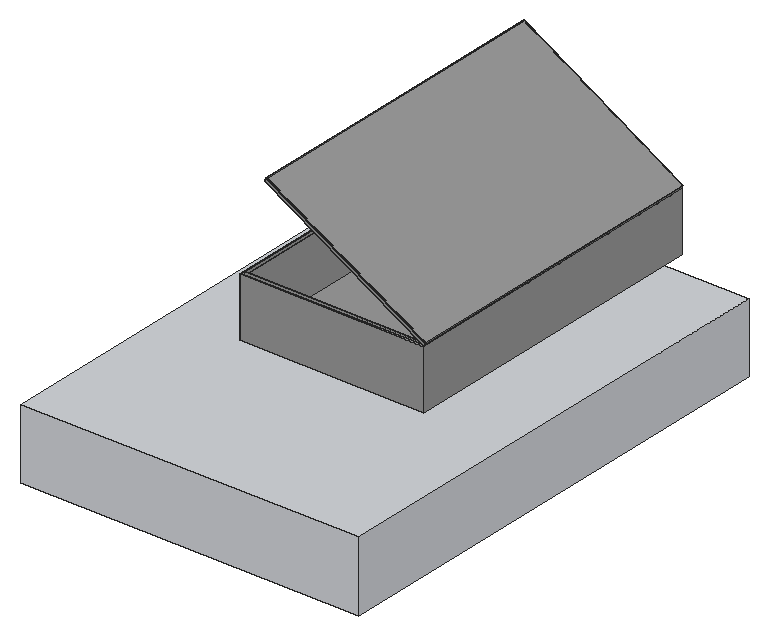
Revit family "Hager-Univers-IP55-D275-H1400-Cl.I-Steel_encl-PL-pl", category Equipement électrique, Revit 2020
Family settings
  Hôte = Face
  Configuration du panneau = Deux colonnes, circuits au sein
  Cote de connecteur circulaire = Utiliser le diamètre
  Type d'élément = Tableau de raccordement
  Couper avec des vides une fois chargée = Non
  Partagée = Non
  Point de calcul de pièce = Non
Parameters (values of type "Montaż natynkowy IP55 S800 W1400 G275  - FR93E")
  Width Control [instance] = if([EF000008 - Szerokość] > Min Width, [EF000008 - Szerokość], Min Width)  # 800 mm
  Commentaires du type = [HG000003 - Zakres]  # "Univers"
  Thickness Door [instance] = if([EF009171 - Drzwi/pokrywa z materiału o wysokiej wytrzymałości mechanicznej] > 3 mm, 3 mm, [EF009171 - Drzwi/pokrywa z materiału o wysokiej wytrzymałości mechanicznej])  # 1.5 mm
  Seal Frame Offset [instance] = 17 mm  # constant formula
  Plinth Visibility [instance] = [HG000027 - Wysokość cokołu] > 0 mm  # no
  Model = ""
  Min Width [instance] = 100 mm  # constant formula
  Min Height [instance] = 100 mm  # constant formula
  Min Depth [instance] = (2 * [EF009170 - Obudowa z materiału o wysokiej wytrzymałości mechanicznej]) + 1 mm  # 4 mm
  Internal Frame Depth [instance] = (Door System Depth * 0.5)  # 9 mm
  Height Control [instance] = if([EF000040 - Wysokość] > Min Height, [EF000040 - Wysokość], Min Height)  # 1400 mm
  HG000027 - Wysokość cokołu = 0 mm
  HG000026 - Stojąca = no
  HG000024 - Wysokość części dolnej = 800 mm
  HG000023 - Obudowa dwusekcyjna = no
  HG000016 - Widoczność drzwi w widoku 3D [instance] = yes
  HG000015 - Przestrzeń robocza - otwarcie drzwi [instance] = no
  HG000014 - Drzwi prawe [instance] = yes
  HG000013 - Drzwi lewe [instance] = not([HG000014 - Drzwi prawe])  # no
  HG000012 - Kąt otwarcia drzwi [instance] = 30.00°
  HG000010 - Drzwi asymetryczne = no
  HG000009 - Drzwi dwuskrzydłowe = no
  HG000006 - Montaż podtynkowy = no
  HG000004 - Referencja producenta = "FR93E"
  HG000003 - Zakres = "Univers"
  HG000002 - Z drzwiami lub pokrywą = yes
  Frame Offset Bottom [instance] = 10 mm  # constant formula
  Frame Offset [instance] = 15 mm  # constant formula
  EF015940 - Pokrywa z wyzwalaczem nadciśnieniowym = no
  EF011959 - Stopień ochrony (NEMA) = ""
  EF009554 - Liczba otworów pod flansze = 6
  Fabricant = "Hager"  # constant formula
  EF009212 - Wykonanie pokrywy = "EV000116 - Zamknięty"
  EF009171 - Drzwi/pokrywa z materiału o wysokiej wytrzymałości mechanicznej = 1.5 mm
  EF009170 - Obudowa z materiału o wysokiej wytrzymałości mechanicznej = 1.5 mm
  EF008873 - Prąd znamionowy (In) = 800 A
  EF007800 - Do ochrony odgromowej = no
  EF006306 - Z zamkiem = no
  EF006244 - Transparentna pokrywa/drzwi = no
  EF005474 - Stopień ochrony (IP) = "EV006420 - IP55"
  EF004464 - Rodzaj drzwi = "EV002646 - Pojedynczy"
  EF004427 - Liczba modułów = 324
  EF004293 - Odporność udarowa = "EV008784 - IK10"
  EF003532 - Do zastosowań zewnętrznych = no
  EF002950 - Szerokość wyrażona liczbą modułów = 24
  EF001613 - Podtrzymanie funkcji = "EV000494 - Brak"
  EF001596 - Materiał obudowy = "EV000179 - Stal"
  EF001131 - Głębokość wewnętrzna = 275 mm
  EF001088 - Możliwość rozbudowy = yes
  EF000437 - Liczba wejść kablowych = 6
  EF000339 - Rodzaj pokrywy = "EV004216 - Drzwi"
  EF000266 - Liczba rzędów = 9
  EF000218 - Głębokość wbudowania = 0 mm
  EF000118 - Z płytą montażową = no
  EF000116 - Numer RAL = "7035"
  EF000049 - Głębokość = 275 mm
  EF000040 - Wysokość = 1400 mm
  EF000008 - Szerokość = 800 mm
  EF000007 - Kolor = "EV000270 - Szary"
  EF000003 - Sposób montażu = "EV000384 - Montaż natynkowy"
  Door System Leaf Tolerance [instance] = 1.5 mm  # constant formula
  Door System Depth [instance] = 18 mm  # constant formula
  Door Height [instance] = Height Control - [HG000027 - Wysokość cokołu]  # 1400 mm
  Depth Control [instance] = if([EF000049 - Głębokość] > Min Depth, [EF000049 - Głębokość], Min Depth)  # 275 mm
  Default Elevation = 0 mm
  Connector Offset [instance] = Height Control / 2  # 700 mm
  Bottom Top Plate Trim [instance] = 1.5 mm  # constant formula
  Plinth height Ctrl [instance] = if([HG000027 - Wysokość cokołu] > 0 mm, [HG000027 - Wysokość cokołu], 12 mm)  # 12 mm
Types (5, lengths in mm): name | Width Control | HG000010 - Drzwi asymetryczne | HG000009 - Drzwi dwuskrzydłowe | HG000004 - Referencja producenta | EF009554 - Liczba otworów pod flansze | EF004464 - Rodzaj drzwi | EF004427 - Liczba modułów | EF000437 - Liczba wejść kablowych | EF000008 - Szerokość
  Montaż natynkowy IP55 S1050 W1400 G275  - FR94E | 1050 | no | yes | "FR94E" | 8 | "EV003602 - Podwójny" | 432 | 8 | 1050
  Montaż natynkowy IP55 S1300 W1400 G275  - FR95E | 1300 | yes | yes | "FR95E" | 10 | "EV003602 - Podwójny" | 540 | 10 | 1300
  Montaż natynkowy IP55 S300 W1400 G275  - FR91E | 300 | no | no | "FR91E" | 2 | "EV002646 - Pojedynczy" | 108 | 2 | 300
  Montaż natynkowy IP55 S550 W1400 G275  - FR92E | 550 | no | no | "FR92E" | 4 | "EV002646 - Pojedynczy" | 216 | 4 | 550
  Montaż natynkowy IP55 S800 W1400 G275  - FR93E | 800 | no | no | "FR93E" | 6 | "EV002646 - Pojedynczy" | 324 | 6 | 800
Reference planes
  plane 1 "Center (Front/Back)": y = 0
  plane 2: z = 0
  plane 3 "Center (Left/Right)": x = 0
  plane 4: z = 275
  plane 5: y = 1.5
  plane 6: y = 700
  plane 7: y = 0
  plane 8: y = 1400
  plane 9: z = 0
  plane 10: x = -385
  plane 11: x = 385
  plane 12: x = 383.5
  plane 13: x = -383.5
  plane 14: y = 1398.5
  plane 15: x = -383
  plane 16: x = -400
  plane 17: x = 383
  plane 18: x = 400
  plane 19: x = 398.5
  plane 20: x = -398.5
  plane 21: y = 11.5
  plane 22: y = 1400
  plane 23: y = 1383.5
  plane 24: z = 257
  plane 25: z = 1.5
  plane 26: z = 255.5
  plane 27: z = 273.5
Forms (mm)
  Extrusion 1, solid
    sketch origin (0, 0, 0) x (1, 0, 0) y (0, 1, 0)
      loop
        line (-702.964, 1305) -> (-702.964, -811.445) -> (766.763, -811.445) -> (766.763, 1305) -> (-702.964, 1305)
    from 0 to -304.8
  Extrusion 2, solid, material "Hager_Steel_RAL7035_Light_Grey", visible <- "Plinth Visibility", detail levels medium+fine
    sketch origin (0, 0, 0) x (1, 0, 0) y (0, 1, 0)
      loop
        line (-400, 0) -> (400, 0) -> (400, 12) -> (-400, 12) -> (-400, 0)
    from 0 to 257
  Extrusion 3, solid, material "Hager_Steel_RAL7035_Light_Grey", detail levels medium+fine
    sketch origin (0, 0, 0) x (1, 0, 0) y (0, 1, 0)
      loop
        line (-400, 0) -> (400, 0) -> (400, 1400) -> (-400, 1400) -> (-400, 0)
    from 0 to 257
  Extrusion 4, void
    sketch origin (0, 0, 0) x (1, 0, 0) y (0, 1, 0)
      loop
        line (-398.5, 1.5) -> (398.5, 1.5) -> (398.5, 1398.5) -> (-398.5, 1398.5) -> (-398.5, 1.5)
    from 1.5 to 255.5
  Extrusion 5, void
    sketch origin (-381.607, -4572, 257) x (0, -1, 0) y (-1, 0, 0)
      loop
        line (-4583.5, 1.893) -> (-5955.5, 1.893) -> (-5955.5, -765.107) -> (-4583.5, -765.107) -> (-4583.5, 1.893)
    from 0 to 1.5 <- "EF009170 - Obudowa z materiału o wysokiej wytrzymałości mechanicznej"
  Extrusion 6, solid, material "Hager_Steel_RAL7035_Light_Grey", detail levels fine
    sketch origin (0, 0, 257) x (1, 0, 0) y (0, 1, 0)
      loop
        line (-383.5, 1383.5) -> (-383.5, 11.5) -> (383.5, 11.5) -> (383.5, 1383.5) -> (-383.5, 1383.5)
      loop
        line (-385, 10) -> (385, 10) -> (385, 1385) -> (-385, 1385) -> (-385, 10)
    from 0 to 9 <- "Internal Frame Depth"
  Extrusion 7, solid, material "Hager_Steel_RAL7035_Light_Grey", detail levels coarse
    sketch origin (0, 0, 0) x (1, 0, 0) y (0, 1, 0)
      loop
        line (-400, 0) -> (400, 0) -> (400, 1400) -> (-400, 1400) -> (-400, 0)
    from 0 to 275
  Sweep 8, void
    path in 3D
      loop
        line (-400, 12, 0) -> (400, 12, 0) -> (400, 12, 257) -> (-400, 12, 257) -> (-400, 12, 0)
    profile origin (-400, 12, 128.5) x (-1, 0, 0) y (0, -1, 0)
      loop
        line (0, 0) -> (0, 1.5) -> (-1.5, 1.5)
        arc (-1.5, 1.5) -> (-1.061, 0.439) -> (0, 0) r 1.5
Cuts and joins
  Extrusion 4, Extrusion 5 cuts Extrusion 3
  Sweep 8 cuts Extrusion 2
Lines and regions (mm)
  Masking region 1
    outline origin (0, 0, 0) x (1, 0, 0) y (0, 0, 1)
      loop
        line (-400, 275) -> (-400, 0) -> (400, 0) -> (400, 275) -> (-400, 275)
  Masking region 2, detail levels medium+fine
    outline origin (0, 140, 0) x (0, 1, 0) y (0, 0, 1)
      loop
        line (-140, 0) -> (1260, 0) -> (1260, 257) -> (-140, 257) -> (-140, 0)
  Masking region 3, not visible, detail levels medium+fine
    outline origin (0, 297.922, 0) x (0, 1, 0) y (0, 0, 1)
      loop
        line (413.578, 0) -> (453.578, 0) -> (453.578, 263.5)
        arc (453.578, 263.5) -> (450.649, 270.571) -> (443.578, 273.5) r 10
        line (443.578, 273.5) -> (413.578, 273.5) -> (413.578, 0)
  Masking region 4, detail levels coarse
    outline origin (0, 0, 180) x (0, 1, 0) y (0, 0, 1)
      loop
        line (0, -180) -> (1400, -180) -> (1400, 95) -> (0, 95) -> (0, -180)
  Masking region 5, visible <- "Plinth Visibility", detail levels medium+fine
    outline origin (0, 52.24, 12.345) x (0, 0, -1) y (0, 1, 0)
      loop
        line (10.845, -40.24) -> (-243.155, -40.24)
        arc (-243.155, -40.24) -> (-243.594, -41.301) -> (-244.655, -41.74) r 1.5
        line (-244.655, -41.74) -> (-244.655, -52.24) -> (12.345, -52.24) -> (12.345, -41.74)
        arc (12.345, -41.74) -> (11.285, -41.301) -> (10.845, -40.24) r 1.5
  Masking region 6, detail levels medium+fine
    outline origin (-381.607, -4572, 257) x (-1, 0, 0) y (0, -1, 0)
      loop
        line (18.393, -5972) -> (18.393, -4572) -> (-781.607, -4572) -> (-781.607, -5972) -> (18.393, -5972)
  Masking region 7, visible <- "Plinth Visibility", detail levels medium+fine
    outline origin (-381.607, -4727, 257) x (-1, 0, 0) y (0, -1, 0)
      loop
        arc (16.893, -4739) -> (17.332, -4737.939) -> (18.393, -4737.5) r 1.5
        line (18.393, -4737.5) -> (18.393, -4727) -> (-781.607, -4727) -> (-781.607, -4737.5)
        arc (-781.607, -4737.5) -> (-780.546, -4737.939) -> (-780.107, -4739) r 1.5
        line (-780.107, -4739) -> (16.893, -4739)
  Masking region 8, detail levels coarse
    outline origin (-442.548, -4669.526, 257) x (-1, 0, 0) y (0, -1, 0)
      loop
        line (-42.548, -6069.526) -> (-42.548, -4669.526) -> (-842.548, -4669.526) -> (-842.548, -6069.526) -> (-42.548, -6069.526)
  sketch lines
    curve 1: line (-400, 12, 257) -> (-400, 12, 0)
    curve 2: line (400, 12, 257) -> (-400, 12, 257)
    curve 3: line (400, 12, 257) -> (400, 12, 0)
    curve 4: line (-400, 12, 0) -> (400, 12, 0)
Dimensions and locks
  "Depth Control": plane 4 to Extrusion 1
  "HG000027 - Wysokość cokołu": plane 1 "Center (Front/Back)" to plane 7
  "EF009170 - Obudowa z materiału o wysokiej wytrzymałości mechanicznej": plane 5 to plane 7
  locked: connector elem to plane 3 "Center (Left/Right)"
  equal spacing: plane 8, plane 6, plane 7
  locked: connector elem to plane 6
  "EF009170 - Obudowa z materiału o wysokiej wytrzymałości mechanicznej": plane 8 to plane 14
  "EF009170 - Obudowa z materiału o wysokiej wytrzymałości mechanicznej": plane 10 to plane 13
  "EF009170 - Obudowa z materiału o wysokiej wytrzymałości mechanicznej": plane 12 to plane 11
  "Frame Offset": plane 20 to plane 13
  "Frame Offset": plane 12 to plane 19
  "EF009170 - Obudowa z materiału o wysokiej wytrzymałości mechanicznej": plane 16 to plane 20
  "EF009170 - Obudowa z materiału o wysokiej wytrzymałości mechanicznej": plane 19 to plane 18
  "Seal Frame Offset": plane 16 to plane 15
  "Seal Frame Offset": plane 17 to plane 18
  "Frame Offset Bottom": plane 21 to plane 5
  "Frame Offset": plane 14 to plane 23
  equal spacing: plane 16, plane 3 "Center (Left/Right)", plane 18
  "Width Control": plane 16 to plane 18
  "EF009170 - Obudowa z materiału o wysokiej wytrzymałości mechanicznej": plane 4 to plane 27
  "EF009170 - Obudowa z materiału o wysokiej wytrzymałości mechanicznej": plane 24 to plane 26
  "EF009170 - Obudowa z materiału o wysokiej wytrzymałości mechanicznej": plane 25 to level
  "Door System Depth": plane 4 to plane 24
  "Height Control": plane 1 "Center (Front/Back)" to Extrusion 7 sketch curve
  "Height Control": Masking region 4 sketch curve to plane 1 "Center (Front/Back)"
  "Height Control": plane 1 "Center (Front/Back)" to plane 22
  "Bottom Top Plate Trim": profile plane to Sweep 8 sketch curve
  "Bottom Top Plate Trim": Sweep 8 sketch curve to profile plane
  "Plinth height Ctrl": plane 1 "Center (Front/Back)" to Extrusion 2 sketch curve
  "Plinth height Ctrl": Masking region 5 sketch curve to plane 1 "Center (Front/Back)"
  "Plinth height Ctrl": plane 1 "Center (Front/Back)" to Masking region 7 sketch curve
  "Thickness Door": Extrusion 6 sketch curve to Extrusion 6 sketch curve  (x3)
  "Thickness Door": cut or joined group of Extrusion 3, Extrusion 4, Extrusion 5 to Extrusion 6 sketch curve
  radius of Masking region 3 sketch curve = 10 mm
  "Bottom Top Plate Trim": radius of Masking region 5 sketch curve  (x2)
  "Bottom Top Plate Trim": radius of Sweep 8 sketch curve
  "Bottom Top Plate Trim": radius of Masking region 7 sketch curve  (x2)
  aligned and locked: plane 2 to Extrusion 1
  aligned and locked: level to Extrusion 1
  aligned and locked: level to Masking region 1 sketch curve
  aligned and locked: Masking region 1 sketch curve to plane 18
  aligned and locked: Masking region 1 sketch curve to plane 16
  aligned and locked: plane 7 to Masking region 2 sketch curve
  aligned and locked: level to Masking region 3 sketch curve
  aligned and locked: Masking region 3 sketch curve to plane 27
  aligned and locked: level to Masking region 2 sketch curve
  aligned and locked: plane 1 "Center (Front/Back)" to Extrusion 2 sketch curve
  aligned and locked: Extrusion 3 sketch curve to plane 7
  aligned and locked: plane 16 to Extrusion 3 sketch curve
  aligned and locked: plane 18 to Extrusion 3 sketch curve
  aligned and locked: plane 20 to Extrusion 4 sketch curve
  aligned and locked: plane 19 to Extrusion 4 sketch curve
  aligned and locked: Extrusion 4 sketch curve to plane 5
  aligned and locked: Extrusion 4 to plane 25
  aligned and locked: plane 26 to Extrusion 4
  aligned and locked: plane 24 to Extrusion 3
  aligned and locked: Extrusion 5 sketch curve to plane 21
  aligned and locked: Extrusion 5 sketch curve to plane 13
  aligned and locked: Extrusion 5 sketch curve to plane 12
  aligned and locked: plane 18 to Extrusion 7 sketch curve
  aligned and locked: plane 1 "Center (Front/Back)" to Extrusion 7 sketch curve
  aligned and locked: plane 16 to Extrusion 7 sketch curve
  aligned and locked: plane 4 to Extrusion 7
  aligned and locked: Extrusion 7 to level
  aligned and locked: level to Masking region 4 sketch curve
  aligned and locked: Masking region 4 sketch curve to plane 1 "Center (Front/Back)"
  aligned and locked: Masking region 4 sketch curve to plane 4
  aligned and locked: nested 1 to level
  aligned and locked: nested 1 to plane 16
  aligned and locked: plane 8 to Extrusion 3 sketch curve
  aligned and locked: plane 23 to Extrusion 5 sketch curve
  aligned and locked: plane 14 to Extrusion 4 sketch curve
  aligned and locked: Masking region 2 sketch curve to plane 8
  aligned and locked: level to Masking region 5 sketch curve
  aligned and locked: plane 16 to Extrusion 2 sketch curve
  aligned and locked: plane 18 to Extrusion 2 sketch curve
  aligned and locked: Masking region 5 sketch curve to plane 24
  aligned and locked: Masking region 2 sketch curve to plane 24
  aligned and locked: plane 24 to Extrusion 2
  aligned and locked: profile plane to Sweep 8 sketch curve  (x2)
  aligned and locked: Masking region 6 sketch curve to plane 18
  aligned and locked: Masking region 6 sketch curve to plane 22
  aligned and locked: Masking region 6 sketch curve to plane 16
  aligned and locked: plane 8 to plane 22
  aligned and locked: Masking region 6 sketch curve to plane 7
  aligned and locked: Masking region 7 sketch curve to plane 16
  aligned and locked: Masking region 7 sketch curve to plane 1 "Center (Front/Back)"
  aligned and locked: Masking region 7 sketch curve to plane 18
  aligned and locked: Masking region 8 sketch curve to plane 1 "Center (Front/Back)"
  aligned and locked: Masking region 8 sketch curve to plane 18
  aligned and locked: Masking region 8 sketch curve to plane 22
  aligned and locked: Masking region 8 sketch curve to plane 16
  aligned and locked: nested 2 to plane 7
  aligned and locked: plane 3 "Center (Left/Right)" to nested 2
  aligned and locked: nested 2 to plane 24
  aligned and locked: Extrusion 6 sketch curve to cut or joined group of Extrusion 3, Extrusion 4, Extrusion 5  (x4)
Automatic sketch dimensions
  Extrusion 1 sketch curve to Extrusion 1 sketch curve = 1469.727 mm
  Extrusion 1 sketch curve to Extrusion 1 sketch curve = 2116.445 mm
  Masking region 1 sketch curve to plane 4 = 0 mm
  plane 6 to Masking region 3 sketch curve = 11.5 mm
  Masking region 3 sketch curve to Masking region 3 sketch curve = 30 mm
  Masking region 5 sketch curve to plane 1 "Center (Front/Back)" = 0 mm
Nested families
  nested 1: "Hager_Enclosure_Symbol" at (-400, 0, 0) x (1, 0, 0) z (0, -1, 0), Height <- "Depth Control", Width <- "Width Control", type "Hager_Enclosure_Symbol"
    with Width_Ctrl 800 mm, Width 800 mm, Height_Ctrl 275 mm, Height 275 mm, A_Width_Int 18.047 mm, A_Width 216.562 mm, A_Height_Ctrl 240.625 mm, A_Height 240.625 mm
  nested 2: "EC000058_Univers_Door" at (0, 0, 257) x (1, 0, 0) z (0, 1, 0), Leaf_Tolerance <- "Door System Leaf Tolerance", Angle <- "HG000012 - Kąt otwarcia drzwi", Door_Depth <- "Door System Depth", Door_Left <- "HG000013 - Drzwi lewe", Transparent <- "EF006244 - Transparentna pokrywa/drzwi", Assymetrical <- "HG000010 - Drzwi asymetryczne", Width <- "Width Control", Clearance <- "HG000015 - Przestrzeń robocza - otwarcie drzwi", Double <- "HG000009 - Drzwi dwuskrzydłowe", 3d_Door <- "HG000016 - Widoczność drzwi w widoku 3D", Lock_Visibility <- "EF006306 - Z zamkiem", Width_Ctrl <- "Width Control", Door_Right <- "HG000014 - Drzwi prawe", Door <- "HG000002 - Z drzwiami lub pokrywą", Height <- "Door Height", Thickness <- "Thickness Door", type "EC000058_Univers_Door", detail levels medium+fine
    with min_wh 4 mm, Width_Ctrl 800 mm, Width 800 mm, Transparent no, Thickness 1.5 mm, Seal_Material Hager_Rubber, Lock_Visibility no, Lock_Material Hager_Plastic_RAL9005_Jet_Black, Leaf_Width 800 mm, Leaf_Tolerance_External_Sides 0 mm, Leaf_Tolerance 1.5 mm, Leaf_Offset 0 mm, Leaf_Height 1397 mm, Leaf_2_Width 800 mm, Leaf_2_Offset 400 mm, Leaf_1_Width 800 mm, Leaf_1_Offset 400 mm, Height_Ctrl 1400 mm, Height 1400 mm, Glass_Material Hager_Glass, Double_Clearance_Ctrl no, Double no, Door_Right_Ctrl yes, Door_Right yes, Door_Material Hager_Steel_RAL7035_Light_Grey, Door_Left_Ctrl no, Door_Left no, Door_Depth 18 mm, Door yes, Clearance_Material Hager_Clearance, Clearance_Depth 800 mm, Clearance_Ctrl no, Clearance no, Assymetrical no, Angle 30.00°, 3d_Door yes
Connectors
  electrical at (0, 700, 0)
    settings: on plane 9, index 1, voltage 0 V, apparent load 0 VA, apparent load phase1 0 VA, apparent load phase2 0 VA, apparent load phase3 0 VA, power factor 1, load classification "Other", number of poles 1, system type 30, power factor state 1, is connector primary yes, connector utility no, sub classification motor no, connector description ""
Definition of nested family "EC000058_Univers_Door"
  Parameters (values of type "EC000058_Univers_Door")
    min_wh [instance] = (2 * Thickness) + 1 mm  # 11 mm
    Width_Ctrl [instance] = 400 mm
    Width [instance] = 500 mm
    Transparent [instance] = yes
    Thickness [instance] = 5 mm
    Seal_Material [instance] = none
    Lock_Visibility [instance] = yes
    Lock_Material [instance] = none
    Leaf_Width [instance] = if((Width_Ctrl - 2 * Leaf_Tolerance_External_Sides) > 0 mm, (Width_Ctrl - 2 * Leaf_Tolerance_External_Sides), min_wh)  # 400 mm
    Leaf_Tolerance_External_Sides [instance] = 0 mm  # constant formula
    Leaf_Tolerance [instance] = 1.5 mm
    Leaf_Offset [instance] = 0 mm  # constant formula
    Leaf_Height [instance] = if((Height_Ctrl - 2 * Leaf_Tolerance) > 0 mm, (Height_Ctrl - 2 * Leaf_Tolerance), min_wh)  # 497 mm
    Leaf_2_Width [instance] = if(and(and(Double, Assymetrical), Door_Left), (Leaf_Width / 3) - (Leaf_Tolerance / 2), if(and(and(Double, Assymetrical), Door_Right), (Leaf_Width / 3) * 2 - (Leaf_Tolerance / 2), if(and(Double, not(Assymetrical)), (Leaf_Width / 2) - Leaf_Tolerance, Leaf_Width)))  # 400 mm
    Leaf_2_Offset [instance] = if(and(Double, Assymetrical), Leaf_2_Width / 2, if(and(Double, not(Assymetrical)), Leaf_Width / 4, Leaf_Width / 2))  # 200 mm
    Leaf_1_Width [instance] = if(and(and(Double, Assymetrical), Door_Right), (Leaf_Width / 3) - (Leaf_Tolerance / 2), if(and(and(Double, Assymetrical), Door_Left), (Width / 3) * 2 - (Leaf_Tolerance / 2), if(and(Double, not(Assymetrical)), (Leaf_Width / 2) - Leaf_Tolerance, Leaf_Width)))  # 400 mm
    Leaf_1_Offset [instance] = if(and(Double, Assymetrical), Leaf_1_Width / 2, if(and(Double, not(Assymetrical)), Leaf_Width / 4, Leaf_Width / 2))  # 200 mm
    Height_Ctrl [instance] = if(Height > min_wh, Height, min_wh)  # 500 mm
    Height [instance] = 500 mm
    Glass_Material [instance] = none
    Double_Clearance_Ctrl [instance] = and(Double, Clearance)  # no
    Double [instance] = no
    Door_Right_Ctrl [instance] = and(or(Door_Right, Double), Door)  # yes
    Door_Right [instance] = yes
    Door_Material [instance] = none
    Door_Left_Ctrl [instance] = and(or(Door_Left, Double), Door)  # no
    Door_Left [instance] = no
    Door_Depth [instance] = 30 mm
    Door [instance] = yes
    Default Elevation = 1219.2 mm
    Clearance_Material [instance] = none
    Clearance_Depth [instance] = if(Leaf_1_Width > Leaf_2_Width, Leaf_1_Width, Leaf_2_Width)  # 400 mm
    Clearance_Ctrl [instance] = and(not(Double), Clearance)  # yes
    Clearance [instance] = yes
    Assymetrical [instance] = yes
    Angle [instance] = 30.00°
    3d_Door [instance] = yes
  Reference planes
    plane 1 "Center (Front/Back)": y = 0
    plane 2 "Bottom": z = 0
    plane 3 "Center (Left/Right)": x = 0
    plane 4: z = 500
    plane 5: x = -200
    plane 6: x = 200
    plane 7: z = 500
    plane 8: x = -200
    plane 9: z = 0
    plane 10: x = 200
    plane 11: y = 0
    plane 12: z = 1.5
    plane 13: x = -600
    plane 14: y = -400
    plane 15: x = 600
    plane 16: x = 0
    plane 17: x = 0
    plane 18: x = -200
    plane 19: x = 200
    plane 20: z = 498.5
  Forms (mm)
    Extrusion 1, solid, material <- "Clearance_Material", visible <- "Double_Clearance_Ctrl"
      sketch origin (1200, 0, 0) x (1, 0, 0) y (0, 0, -1)
        loop
          line (-1800, -498.5) -> (-600, -498.5) -> (-600, 0) -> (-1800, 0) -> (-1800, -498.5)
      from 0 to -400
  Dimensions and locks
    equal spacing: plane 5, plane 3 "Center (Left/Right)", plane 6
    "Width_Ctrl": plane 5 to plane 6
    "Leaf_Offset": plane 5 to plane 8
    "Leaf_Offset": plane 6 to plane 10
    "Leaf_Offset": plane 9 to level
    "Leaf_Offset": plane 4 to plane 7
    "Height_Ctrl": plane 4 to level
    "Leaf_Tolerance": plane 12 to plane 9
    locked: plane 11 to plane 1 "Center (Front/Back)"
    "Leaf_1_Offset": plane 18 to plane 16
    "Leaf_2_Offset": plane 17 to plane 19
    "Leaf_1_Width": plane 13 to plane 8
    "Leaf_2_Width": plane 10 to plane 15
    "Clearance_Depth": plane 14 to plane 1 "Center (Front/Back)"
    "Leaf_Tolerance_External_Sides": plane 8 to plane 18
    "Leaf_Tolerance_External_Sides": plane 19 to plane 10
    "Leaf_Tolerance": plane 7 to plane 20
    aligned and locked: level to plane 2 "Bottom"
    aligned and locked: nested 1 to plane 16
    aligned and locked: nested 2 to plane 17
    aligned and locked: Extrusion 1 to plane 13
    aligned and locked: plane 15 to Extrusion 1
    aligned and locked: Extrusion 1 to plane 14
    aligned and locked: plane 12 to nested 1
    aligned and locked: nested 2 to plane 12
    aligned and locked: Extrusion 1 to plane 11
    aligned and locked: plane 20 to Extrusion 1
    aligned and locked: nested 2 to plane 11
    aligned and locked: nested 1 to plane 11
  Automatic sketch dimensions
    Extrusion 1 sketch curve to level = 0 mm
    plane 5 to Extrusion 1 sketch curve = 400 mm
    plane 6 to Extrusion 1 sketch curve = 400 mm
    Extrusion 1 sketch curve to plane 4 = 1.5 mm
  Nested families
    nested 1: "EC000058_Univers_Door_Leaf" at (0, 0, 1.5), Width <- "Leaf_1_Width", visible <- "Door_Left_Ctrl", Leaf_Height <- "Leaf_Height", Angle <- "Angle", 3d_Door <- "3d_Door", Transparent <- "Transparent", Clearance Material <- "Clearance_Material", Clearance <- "Clearance_Ctrl", Door_Material <- "Door_Material", Glass_Material <- "Glass_Material", Door_Depth <- "Door_Depth", Lock_Material <- "Lock_Material", Seal_Material <- "Seal_Material", Lock_Visibility <- "Lock_Visibility", Thickness <- "Thickness", type "EC000058_Univers_Door_Leaf"
      with Width 400 mm, Transparent_Glass_Offset 30 mm, Transparent_Ctrl yes, Transparent yes, Thickness 5 mm, Standard no, Seal_Material none, Seal_D2 8 mm, Seal_D1 1 mm, Offset_Internal_Frame 10 mm, Lock_Width 20 mm, Lock_Visibility_3d yes, Lock_Visibility yes, Lock_Thickness_3 3 mm, Lock_Thickness_2 1 mm, Lock_Thickness_1 3 mm, Lock_Radius_Offset_2 16 mm, Lock_Radius_Offset_1 15 mm, Lock_Radius_2 5 mm, Lock_Radius 6 mm, Lock_Offset 5 mm, Lock_Material none, Lock_Height 80 mm, Lock_Cover_Top_Offset_2d 17 mm, Lock_Cover_Height -65 mm, Leaf_Height 497 mm, Internal_Seal_Thickness 8 mm, Internal_Seal_Depth_2 4.5 mm, Internal_Frame_Depth 25 mm, Glass_Thickness -1 mm, Glass_Offset -2 mm, Glass_Material none, Door_Material none, Door_Depth 30 mm, Clearance Material none, Clearance yes, Angle_Ctrl 30.00°, Angle 30.00°, 3d_Door yes
    nested 2: "EC000058_Univers_Door_Leaf" at (0, 0, 1.5) x (-1, 0, 0) z (0, 0, 1), Width <- "Leaf_2_Width", visible <- "Door_Right_Ctrl", Leaf_Height <- "Leaf_Height", Angle <- "Angle", 3d_Door <- "3d_Door", Transparent <- "Transparent", Clearance Material <- "Clearance_Material", Clearance <- "Clearance_Ctrl", Door_Material <- "Door_Material", Glass_Material <- "Glass_Material", Door_Depth <- "Door_Depth", Lock_Material <- "Lock_Material", Seal_Material <- "Seal_Material", Lock_Visibility <- "Lock_Visibility", Thickness <- "Thickness", type "EC000058_Univers_Door_Leaf"
      with Width 400 mm, Transparent_Glass_Offset 30 mm, Transparent_Ctrl yes, Transparent yes, Thickness 5 mm, Standard no, Seal_Material none, Seal_D2 8 mm, Seal_D1 1 mm, Offset_Internal_Frame 10 mm, Lock_Width 20 mm, Lock_Visibility_3d yes, Lock_Visibility yes, Lock_Thickness_3 3 mm, Lock_Thickness_2 1 mm, Lock_Thickness_1 3 mm, Lock_Radius_Offset_2 16 mm, Lock_Radius_Offset_1 15 mm, Lock_Radius_2 5 mm, Lock_Radius 6 mm, Lock_Offset 5 mm, Lock_Material none, Lock_Height 80 mm, Lock_Cover_Top_Offset_2d 17 mm, Lock_Cover_Height -65 mm, Leaf_Height 497 mm, Internal_Seal_Thickness 8 mm, Internal_Seal_Depth_2 4.5 mm, Internal_Frame_Depth 25 mm, Glass_Thickness -1 mm, Glass_Offset -2 mm, Glass_Material none, Door_Material none, Door_Depth 30 mm, Clearance Material none, Clearance yes, Angle_Ctrl 30.00°, Angle 30.00°, 3d_Door yes
  Definition of nested family "EC000058_Univers_Door_Leaf"
    Parameters (values of type "EC000058_Univers_Door_Leaf")
      Width [instance] = 2000 mm
      Transparent_Glass_Offset [instance] = 30 mm
      Transparent_Ctrl [instance] = and(Transparent, [3d_Door])  # yes
      Transparent [instance] = yes
      Thickness [instance] = 5 mm
      Standard [instance] = and(not(Transparent), [3d_Door])  # no
      Seal_Material [instance] = none
      Seal_D2 [instance] = 8 mm  # constant formula
      Seal_D1 [instance] = 1 mm  # constant formula
      Offset_Internal_Frame [instance] = 10 mm  # constant formula
      Lock_Width [instance] = 20 mm  # constant formula
      Lock_Visibility_3d [instance] = and(Lock_Visibility, [3d_Door])  # yes
      Lock_Visibility [instance] = yes
      Lock_Thickness_3 [instance] = 3 mm  # constant formula
      Lock_Thickness_2 [instance] = 1 mm  # constant formula
      Lock_Thickness_1 [instance] = 3 mm  # constant formula
      Lock_Radius_Offset_2 [instance] = Lock_Radius_Offset_1 + 1 mm  # 16 mm
      Lock_Radius_Offset_1 [instance] = 15 mm  # constant formula
      Lock_Radius_2 [instance] = Lock_Radius - 1 mm  # 5 mm
      Lock_Radius [instance] = 6 mm  # constant formula
      Lock_Offset [instance] = 5 mm  # constant formula
      Lock_Material [instance] = none
      Lock_Height [instance] = 80 mm  # constant formula
      Lock_Cover_Top_Offset_2d [instance] = Lock_Radius_Offset_2 + 1 mm  # 17 mm
      Lock_Cover_Height [instance] = -(Lock_Height - Lock_Radius_Offset_1)  # -65 mm
      Leaf_Height [instance] = 2720.336 mm
      Internal_Seal_Thickness [instance] = 8 mm  # constant formula
      Internal_Seal_Depth_2 [instance] = 4.5 mm  # constant formula
      Internal_Frame_Depth [instance] = if(Door_Depth - Thickness > 5 mm, Door_Depth - Thickness, 5 mm)  # 25 mm
      Glass_Thickness [instance] = if(Thickness > 15 mm, Glass_Offset + 10 mm, -1 mm)  # -1 mm
      Glass_Offset [instance] = if(Thickness > 15 mm, -(Thickness + 10 mm) / 2, -2 mm)  # -2 mm
      Glass_Material [instance] = none
      Door_Material [instance] = none
      Door_Depth [instance] = 30 mm
      Default Elevation = 0 mm
      Clearance Material [instance] = none
      Clearance [instance] = yes
      Angle_Ctrl [instance] = if(Angle > 180.00°, 180.00°, Angle)  # 90.00°
      Angle [instance] = 90.00°
      3d_Door [instance] = yes
    Reference planes
      plane 1 "Center (Front/Back)": y = 0
      plane 2: z = 0
      plane 3 "Center (Left/Right)": x = 0
      plane 4: y = 2000
      plane 5: x = -1000
      plane 6: x = 1000
      plane 7: x = -3000
      plane 8: z = 2720.336
      plane 9: z = 30
      plane 10: z = 2690.336
      plane 11: x = 970
      plane 12: x = -970
      plane 13: y = -3
      plane 14: z = 107.833
      plane 15: y = -5
      plane 16: y = -223.314
      plane 17: x = -1000
      plane 18: z = 1360.168
      plane 19: y = 30
    Forms (mm)
      Extrusion 1, solid, material <- "Clearance Material", visible <- "Clearance"
        sketch origin (0, 0, 0) x (1, 0, 0) y (0, 0, 1)
          loop
            line (-3000, 2720.336) -> (-3000, 0) -> (1000, 0) -> (1000, 2720.336) -> (-3000, 2720.336)
        from 0 to -2000
      Extrusion 2, solid, material <- "Door_Material", visible <- "Standard", detail levels medium+fine
        sketch origin (-1000, 0, 0) x (0, 1, 0) y (-1, 0, 0)
          loop
            line (0, 30) -> (0, 25) -> (2000, 25) -> (2000, 30) -> (0, 30)
        from 0 to 2720.336 <- "Leaf_Height"
      Extrusion 3, solid, material <- "Door_Material", visible <- "Transparent_Ctrl", detail levels medium+fine
        sketch origin (-1000, 0, 0) x (0, 1, 0) y (-1, 0, 0)
          loop
            line (0, 25) -> (2000, 25) -> (2000, 30) -> (0, 30) -> (0, 25)
        from 0 to 2720.336 <- "Leaf_Height"
      Extrusion 4, void
        sketch origin (-1025, 2000, 0) x (0, 1, 0) y (0, 0, -1)
          loop
            line (-30, -2690.336) -> (-30, -30) -> (-1970, -30) -> (-1970, -2690.336) -> (-30, -2690.336)
        from 0 to 5 <- "Thickness"
      Sweep 5, solid, material <- "Seal_Material", visible <- "Transparent_Ctrl", detail levels fine
        path in 3D
          loop
            line (-1025, 30, 30) -> (-1025, 30, 2690.336) -> (-1025, 1970, 2690.336) -> (-1025, 1970, 30) -> (-1025, 30, 30)
        profile origin (-1025, 1000, 30) x (1, 0, 0) y (0, 0, 1)
          loop
            line (0, 0) -> (0, -8) -> (1, -8) -> (1, 0) -> (0, 0)
      Extrusion 6, solid, material <- "Glass_Material", visible <- "Transparent_Ctrl", detail levels medium+fine
        sketch origin (-1030, 0, 0) x (0, 1, 0) y (0, 0, -1)
          loop
            line (1970, -2690.336) -> (1970, -30) -> (30, -30) -> (30, -2690.336) -> (1970, -2690.336)
        from -2 <- "Glass_Offset" to -1 <- "Glass_Thickness"
      Extrusion 7, solid, material <- "Door_Material", visible <- "3d_Door", detail levels medium+fine
        sketch origin (-1025, 2000, 0) x (0, -1, 0) y (0, 0, -1)
          loop
            line (0, -2720.336) -> (2000, -2720.336) -> (2000, 0) -> (0, 0) -> (0, -2720.336)
          loop
            line (1995, -5) -> (5, -5) -> (5, -2715.336) -> (1995, -2715.336) -> (1995, -5)
        from 0 to 25 <- "Internal_Frame_Depth"
      Sweep 8, solid, material <- "Seal_Material", visible <- "Transparent_Ctrl", detail levels fine
        path in 3D
          loop
            line (-1025, 0, 0) -> (-1025, 2000, 0) -> (-1025, 2000, 2720.336) -> (-1025, 0, 2720.336) -> (-1025, 0, 0)
        profile origin (-1025, 0, 1360.168) x (1, 0, 0) y (0, 1, 0)
          loop
            line (0, 10) -> (2.975, 10)
            arc (2.975, 10) -> (4.053, 10.447) -> (4.5, 11.525) r 1.525
            line (4.5, 11.525) -> (4.5, 16.527)
            arc (4.5, 16.527) -> (4.069, 17.569) -> (3.027, 18) r 1.473
            line (3.027, 18) -> (0, 18) -> (0, 10)
      Extrusion 9, solid, material <- "Lock_Material", visible <- "Lock_Visibility_3d", detail levels fine
        sketch origin (-1030, 0, 0) x (0, 1, 0) y (0, 0, -1)
          loop
            arc (1993.5, -1400.168) -> (1994.561, -1399.729) -> (1995, -1398.668) r 1.5
            line (1995, -1398.668) -> (1995, -1320.168) -> (1975, -1320.168) -> (1975, -1398.668)
            arc (1975, -1398.668) -> (1975.439, -1399.729) -> (1976.5, -1400.168) r 1.5
            line (1976.5, -1400.168) -> (1993.5, -1400.168)
        from 3 <- "Lock_Thickness_1" to 0
      Blend 10, solid, material <- "Lock_Material", visible <- "Lock_Visibility_3d", detail levels fine
        base sketch origin (-1033, 0, 0) x (0, 1, 0) y (0, 0, -1)
          loop
            line (1975, -1320.168) -> (1975, -1398.668)
            arc (1975, -1398.668) -> (1975.439, -1399.729) -> (1976.5, -1400.168) r 1.5
            line (1976.5, -1400.168) -> (1993.5, -1400.168)
            arc (1993.5, -1400.168) -> (1994.561, -1399.729) -> (1995, -1398.668) r 1.5
            line (1995, -1398.668) -> (1995, -1320.168) -> (1975, -1320.168)
        top sketch origin (-1033, 0, 0) x (0, 1, 0) y (0, 0, -1)
          loop
            line (1976, -1320.168) -> (1976, -1398.668)
            arc (1976, -1398.668) -> (1976.146, -1399.022) -> (1976.5, -1399.168) r 0.5
            line (1976.5, -1399.168) -> (1993.5, -1399.168)
            arc (1993.5, -1399.168) -> (1993.854, -1399.022) -> (1994, -1398.668) r 0.5
            line (1994, -1398.668) -> (1994, -1320.168) -> (1976, -1320.168)
        from 0 to 1 <- "Lock_Thickness_2"
      Blend 11, solid, material <- "Lock_Material", visible <- "Lock_Visibility_3d", detail levels fine
        base sketch origin (-1034, 0, 0) x (0, 1, 0) y (0, 0, -1)
          loop
            line (1978, -1320.168) -> (1978, -1384.168)
            arc (1978, -1384.168) -> (1985, -1391.168) -> (1992, -1384.168) r 7
            line (1992, -1384.168) -> (1992, -1320.168) -> (1978, -1320.168)
        top sketch origin (-1034, 0, 0) x (0, 1, 0) y (0, 0, -1)
          loop
            line (1991, -1320.168) -> (1979, -1320.168) -> (1979, -1383.168)
            arc (1979, -1383.168) -> (1985, -1389.168) -> (1991, -1383.168) r 6
            line (1991, -1383.168) -> (1991, -1320.168)
        from 0 to 3 <- "Lock_Thickness_3"
      Extrusion 12, solid, material <- "Lock_Material", visible <- "Lock_Visibility_3d", detail levels fine
        sketch origin (-1030, 1975, 1320.168) x (1, 0, 0) y (0, -1, 0)
          loop
            line (-7, -19) -> (-7, -1) -> (0, -1) -> (0, 0) -> (-8, 0) -> (-8, -20) -> (0, -20) -> (0, -19) -> (-7, -19)
        from 0 to -65 <- "Lock_Cover_Height"
      Extrusion 13, void
        sketch origin (-1038, 1995, 1320.168) x (-1, 0, 0) y (0, 0, -1)
          loop
            line (-5, -65) -> (0, -65) -> (-5, -60) -> (-5, -65)
        from 0 to 20 <- "Lock_Width"
      Extrusion 14, void
        sketch origin (-1038, 1975, 1320.168) x (0, -1, 0) y (0, 0, -1)
          loop
            circle (-10, -15.995) r 6
          loop
            circle (-10, -15.995) r 5
        from 0 to 2
      Extrusion 15, solid, material <- "Lock_Material", visible <- "Lock_Visibility_3d", detail levels medium
        sketch origin (-1030, 0, 0) x (0, 1, 0) y (0, 0, -1)
          loop
            arc (1993.5, -1400.168) -> (1994.561, -1399.729) -> (1995, -1398.668) r 1.5
            line (1995, -1398.668) -> (1995, -1320.168) -> (1975, -1320.168) -> (1975, -1398.668)
            arc (1975, -1398.668) -> (1975.439, -1399.729) -> (1976.5, -1400.168) r 1.5
            line (1976.5, -1400.168) -> (1993.5, -1400.168)
        from 8 to 0
    Cuts and joins
      Extrusion 4 cuts Extrusion 3
      Extrusion 13, Extrusion 14 cuts Extrusion 9
      Extrusion 14 cuts Blend 11
      Extrusion 13, Extrusion 14 cuts Extrusion 12
      joined: Extrusion 9, Blend 10, Blend 11, Extrusion 12
      Extrusion 14 cuts Extrusion 15
    Lines and regions (mm)
      Masking region 1, visible <- "Lock_Visibility", detail levels fine
        outline origin (0, 0, 0) x (0, 1, 0) y (0, 0, 1)
          loop
            line (30, 1320.168) -> (33, 1320.168) -> (33, 1400.168) -> (30, 1400.168) -> (30, 1320.168)
      Masking region 2, visible <- "Lock_Visibility", detail levels fine
        outline origin (0, 3.143, 0) x (0, 1, 0) y (0, 0, 1)
          loop
            line (29.857, 1354.168) -> (30.857, 1354.168) -> (30.857, 1366.168) -> (29.857, 1366.168) -> (29.857, 1354.168)
      Masking region 3, detail levels medium+fine
        outline origin (0, 0, 0) x (0, 1, 0) y (0, 0, 1)
          loop
            line (0, 0) -> (30, 0) -> (30, 2720.336) -> (0, 2720.336) -> (0, 0)
      Masking region 4, detail levels medium+fine
        outline origin (0, 0, 0) x (1, 0, 0) y (0, 0, 1)
          loop
            line (-1000, 2720.336) -> (-1000, 0) -> (1000, 0) -> (1000, 2720.336) -> (-1000, 2720.336)
      Masking region 5, visible <- "Lock_Visibility", detail levels fine
        outline origin (-47.116, 0, 0) x (1, 0, 0) y (0, 0, 1)
          loop
            arc (1024.616, 1399.168) -> (1023.556, 1398.729) -> (1023.116, 1397.668) r 1.5
            line (1023.116, 1397.668) -> (1023.116, 1320.168) -> (1041.116, 1320.168) -> (1041.116, 1397.668)
            arc (1041.116, 1397.668) -> (1040.677, 1398.729) -> (1039.616, 1399.168) r 1.5
            line (1039.616, 1399.168) -> (1024.616, 1399.168)
      Masking region 6, visible <- "Lock_Visibility", detail levels medium+fine
        outline origin (-25, 0, 0) x (1, 0, 0) y (0, 0, 1)
          loop
            arc (1001.5, 1400.168) -> (1000.439, 1399.729) -> (1000, 1398.668) r 1.5
            line (1000, 1398.668) -> (1000, 1320.168) -> (1020, 1320.168) -> (1020, 1398.668)
            arc (1020, 1398.668) -> (1019.561, 1399.729) -> (1018.5, 1400.168) r 1.5
            line (1018.5, 1400.168) -> (1001.5, 1400.168)
      Masking region 7, visible <- "Lock_Visibility", detail levels fine
        outline origin (-73.735, 0, 0) x (1, 0, 0) y (0, 0, 1)
          loop
            line (1051.735, 1382.168) -> (1065.735, 1382.168) -> (1065.735, 1384.168)
            arc (1065.735, 1384.168) -> (1058.735, 1391.168) -> (1051.735, 1384.168) r 7
            line (1051.735, 1384.168) -> (1051.735, 1382.168)
      Masking region 8, visible <- "Lock_Visibility", detail levels fine
        outline origin (-73.735, 0, 0) x (1, 0, 0) y (0, 0, 1)
          loop
            line (1052.735, 1382.168) -> (1064.735, 1382.168) -> (1064.735, 1383.168)
            arc (1064.735, 1383.168) -> (1058.735, 1389.168) -> (1052.735, 1383.168) r 6
            line (1052.735, 1383.168) -> (1052.735, 1382.168)
      Masking region 9, visible <- "Lock_Visibility", detail levels fine
        outline origin (-25, 0, 0) x (1, 0, 0) y (0, 0, 1)
          loop
            line (1020, 1320.168) -> (1020, 1382.168) -> (1000, 1382.168) -> (1000, 1320.168) -> (1020, 1320.168)
      Masking region 10, detail levels medium+fine
        outline origin (0, 0, 0) x (1, 0, 0) y (0, 0, 1)
          loop
            circle (985, 1335.144) r 6
      Masking region 11, detail levels fine
        outline origin (0, 0, 0) x (1, 0, 0) y (0, 0, 1)
          loop
            circle (985, 1335.144) r 5
      Masking region 12, visible <- "Lock_Visibility", detail levels fine
        outline origin (0, 12.767, 0) x (0, 1, 0) y (0, 0, 1)
          loop
            line (20.233, 1320.168) -> (21.233, 1320.168) -> (21.233, 1399.168) -> (20.233, 1400.168) -> (20.233, 1320.168)
      Masking region 13, visible <- "Lock_Visibility", detail levels fine
        outline origin (0, 13.767, -10) x (0, 1, 0) y (0, 0, 1)
          loop
            line (20.233, 1330.168) -> (23.233, 1330.168) -> (23.233, 1399.168) -> (20.233, 1402.168) -> (20.233, 1330.168)
      Masking region 14, visible <- "Lock_Visibility", detail levels fine
        outline origin (0, 12.767, -10) x (0, 1, 0) y (0, 0, 1)
          loop
            line (20.233, 1330.168) -> (25.233, 1330.168) -> (25.233, 1399.305) -> (20.233, 1394.305) -> (20.233, 1330.168)
      Masking region 15, visible <- "Lock_Visibility", detail levels medium
        outline origin (0, 0, 0) x (0, 1, 0) y (0, 0, 1)
          loop
            line (30, 1320.168) -> (38, 1320.168) -> (38, 1400.168) -> (30, 1400.168) -> (30, 1320.168)
      Masking region 16, visible <- "Lock_Visibility", detail levels fine
        outline origin (-1000, 0, 0) x (0, 1, 0) y (-1, 0, 0)
          loop
            line (1975, 30) -> (1995, 30) -> (1995, 38) -> (1975, 38) -> (1975, 30)
          loop
            line (1979, 37) -> (1976, 37) -> (1976, 34) -> (1978, 34) -> (1979, 37)
          loop
            line (1994, 37) -> (1991, 37) -> (1992, 34) -> (1994, 34) -> (1994, 37)
      Masking region 17, visible <- "Lock_Visibility", detail levels medium
        outline origin (-1000, 0, 0) x (0, 1, 0) y (-1, 0, 0)
          loop
            line (1975, 30) -> (1995, 30) -> (1995, 38) -> (1975, 38) -> (1975, 30)
      symbolic lines
        curve 1: line (1000, 0, 0) -> (-3000, 0, 0)
        curve 2: arc (1000, 0, 0) -> (-1000, 2000, 0) -> (-3000, 0, 0) r 2000
        curve 4: line (-1030, 0, 0) -> (-1030, 2000, 0)
      reference lines
        curve 3: line (-1000, 0, 0) -> (-1000, 2000, 0)
      symbolic lines, detail levels medium+fine
        curve 5: line (-1030, 2000, 0) -> (-1025, 2000, 0)
        curve 7: line (-1025, 0, 0) -> (-1030, 0, 0)
        curve 8: line (-1025, 0, 0) -> (-1000, 0, 0)
        curve 9: line (-1000, 0, 0) -> (-1000, 2000, 0)
        curve 10: line (-1000, 2000, 0) -> (-1025, 2000, 0)
      symbolic lines, detail levels fine
        curve 6: line (-1025, 2000, 0) -> (-1025, 0, 0)
      sketch lines
        curve 11: line (-1025, 0, 2720.336) -> (-1025, 0, 0)
        curve 12: line (-1025, 2000, 0) -> (-1025, 0, 0)
        curve 13: line (-1025, 2000, 2720.336) -> (-1025, 2000, 0)
        curve 14: line (-1025, 0, 2720.336) -> (-1025, 2000, 2720.336)
        curve 15: line (-1025, 1970, 30) -> (-1025, 30, 30)
        curve 16: line (-1025, 30, 30) -> (-1025, 30, 2690.336)
        curve 17: line (-1025, 1970, 2690.336) -> (-1025, 1970, 30)
        curve 18: line (-1025, 30, 2690.336) -> (-1025, 1970, 2690.336)
      symbolic lines, visible <- "Transparent", detail levels medium+fine
        curve 19: line (-970, 0, 2690.336) -> (970, 0, 2690.336)
        curve 20: line (-970, 0, 30) -> (-970, 0, 2690.336)
        curve 21: line (970, 0, 30) -> (-970, 0, 30)
        curve 22: line (970, 0, 2690.336) -> (970, 0, 30)
    Dimensions and locks
      "Width": plane 1 "Center (Front/Back)" to plane 4
      equal spacing: plane 5, plane 3 "Center (Left/Right)", plane 6
      "Width": plane 5 to plane 6
      "Width": plane 7 to plane 5
      "Leaf_Height": plane 8 to level
      "Width": curve 5 to curve 3
      "Width": curve 3 to curve 3
      plane 8 to plane 10 = 30 mm
      plane 9 to level = 30 mm
      plane 12 to plane 5 = 30 mm
      plane 6 to plane 11 = 30 mm
      Extrusion 1 to Extrusion 4 sketch curve = 30 mm
      "Transparent_Glass_Offset": curve 3 to Extrusion 4 sketch curve
      "Transparent_Glass_Offset": Extrusion 4 sketch curve to cut or joined group of Extrusion 3, Extrusion 4  (x2)
      cut or joined group of Extrusion 3, Extrusion 4 to Extrusion 6 sketch curve = 30 mm
      "Transparent_Glass_Offset": cut or joined group of Extrusion 3, Extrusion 4 to Extrusion 4 sketch curve
      "Thickness": curve 6 to curve 4
      "Thickness": Extrusion 7 sketch curve to Extrusion 7 sketch curve  (x4)
      "Door_Depth": curve 4 to curve 3
      "Offset_Internal_Frame": profile plane to Sweep 8 sketch curve
      "Internal_Seal_Thickness": Sweep 8 sketch curve to Sweep 8 sketch curve
      "Internal_Seal_Depth_2": profile plane to Sweep 8 sketch curve
      "Seal_D1": profile plane to Sweep 5 sketch curve
      "Seal_D2": profile plane to Sweep 5 sketch curve
      "Thickness": Extrusion 2 sketch curve to Extrusion 2 sketch curve
      equal spacing: Extrusion 9 sketch curve, plane 18, Extrusion 9 sketch curve  (x2)
      equal spacing: Masking region 1 sketch curve, plane 18, Masking region 1 sketch curve
      "Lock_Height": Masking region 1 sketch curve to Masking region 1 sketch curve
      "Lock_Radius": Masking region 2 sketch curve to plane 18 to Masking region 2 sketch curve
      Masking region 2 sketch curve to Masking region 1 = 1 mm
      "Door_Depth": plane 19 to plane 1 "Center (Front/Back)"
      "Lock_Thickness_1": Masking region 1 sketch curve to plane 19
      "Lock_Width": Extrusion 9 sketch curve to Extrusion 9 sketch curve
      "Lock_Height": Extrusion 9 sketch curve to Extrusion 9 sketch curve
      "Lock_Offset": cut or joined group of Extrusion 3, Extrusion 4 to Extrusion 9 sketch curve
      equal spacing: plane 8, plane 18, level
      "Lock_Radius_Offset_1": Blend 11 sketch curve to Blend 10
      locked: Blend 10 to Blend 11 sketch curve at 2  (x2)
      locked: var sketch to Blend 11 sketch curve at 1  (x2)
      "Lock_Radius_Offset_2": Blend 11 sketch curve to Blend 10
      locked: Extrusion 12 sketch curve to Extrusion 12 sketch curve at 1  (x3)
      Masking region 6 sketch curve to Masking region 6 sketch curve = 80 mm
      "Lock_Height": Masking region 6 sketch curve to Masking region 6 sketch curve
      "Lock_Width": Masking region 6 sketch curve to Masking region 6 sketch curve
      locked: Masking region 6 to Masking region 5 sketch curve at 1  (x3)
      locked: Masking region 5 to Masking region 7 sketch curve at 2  (x2)
      "Lock_Radius_Offset_1": Masking region 5 to Masking region 7 sketch curve
      "Lock_Radius_Offset_2": Masking region 5 to Masking region 8 sketch curve
      locked: Masking region 7 to Masking region 8 sketch curve at 1  (x2)
      "Lock_Cover_Top_Offset_2d": Masking region 5 to Masking region 9 sketch curve
      equal spacing: Masking region 9, Masking region 10 sketch curve, Masking region 9
      equal spacing: Masking region 9, Masking region 11 sketch curve, Masking region 9
      Extrusion 15 sketch curve to Extrusion 15 sketch curve = 80 mm
      "Lock_Width": Extrusion 15 sketch curve to Extrusion 15 sketch curve
      "Lock_Height": Extrusion 15 sketch curve to Extrusion 15 sketch curve
      equal spacing: Extrusion 15 sketch curve, plane 18, Extrusion 15 sketch curve
      "Lock_Thickness_3": Masking region 13 sketch curve to Masking region 13 sketch curve
      "Lock_Height": Masking region 12 sketch curve to Masking region 12 sketch curve
      locked: Masking region 13 sketch curve to Masking region 1 at 8
      locked: Masking region 14 sketch curve to Masking region 13 at 1
      locked: Masking region 14 sketch curve to Masking region 1 at 10.863
      "Lock_Height": Masking region 15 sketch curve to Masking region 15 sketch curve
      "Lock_Offset": Extrusion 15 sketch curve to cut or joined group of Extrusion 3, Extrusion 4
      "Lock_Offset": plane 6 to Masking region 6 sketch curve
      radius of Sweep 8 sketch curve = 1.525 mm
      radius of Sweep 8 sketch curve = 1.473 mm
      radius of Extrusion 9 sketch curve = 1.5 mm  (x2)
      "Lock_Radius": radius of Extrusion 14 sketch curve
      "Lock_Radius_2": radius of Extrusion 14 sketch curve
      "Lock_Radius": radius of Masking region 10 sketch curve
      "Lock_Radius_2": radius of Masking region 11 sketch curve
      radius of Extrusion 15 sketch curve = 1.5 mm  (x2)
      "Angle_Ctrl": angle plane 1 "Center (Front/Back)" to curve 3
      locked: Masking region 12 sketch curve to Masking region 12 sketch curve (angle 45.00°)
      locked: Masking region 13 sketch curve to Masking region 13 sketch curve (angle 45.00°)
      locked: Masking region 14 sketch curve to Masking region 14 sketch curve (angle 45.00°)
      aligned and locked: level to plane 2
      aligned and locked: Extrusion 1 to curve 1
      aligned and locked: plane 6 to Extrusion 1
      aligned and locked: Extrusion 1 to plane 1 "Center (Front/Back)"
      aligned and locked: plane 4 to Extrusion 1
      aligned and locked: plane 8 to Extrusion 1
      aligned and locked: curve 7 to Extrusion 2 sketch curve
      aligned and locked: curve 5 to Extrusion 2 sketch curve
      aligned and locked: curve 7 to Extrusion 3 sketch curve
      aligned and locked: Extrusion 3 sketch curve to curve 4
      aligned and locked: Extrusion 3 sketch curve to curve 6
      aligned and locked: Extrusion 3 sketch curve to curve 5
      aligned and locked: curve 9 to curve 3
      aligned and locked: Extrusion 7 sketch curve to cut or joined group of Extrusion 3, Extrusion 4  (x4)
      aligned and locked: plane 17 to curve 3
      aligned and locked: plane 1 "Center (Front/Back)" to curve 3
      aligned and locked: plane 17 to plane 5
      aligned and locked: Sweep 8 sketch curve to profile plane
      aligned and locked: Sweep 5 sketch curve to profile plane  (x2)
      aligned and locked: Masking region 1 to Masking region 2 sketch curve
      aligned and locked: plane 19 to Masking region 1 sketch curve
      aligned and locked: plane 1 "Center (Front/Back)" to Masking region 3 sketch curve
      aligned and locked: plane 19 to Masking region 3 sketch curve
      aligned and locked: level to Masking region 3 sketch curve
      aligned and locked: Masking region 3 sketch curve to plane 8
      aligned and locked: plane 17 to Masking region 4 sketch curve
      aligned and locked: level to Masking region 4 sketch curve
      aligned and locked: Masking region 4 sketch curve to plane 8
      aligned and locked: plane 12 to curve 20
      aligned and locked: plane 10 to curve 19
      aligned and locked: plane 11 to curve 22
      aligned and locked: curve 21 to plane 9
      aligned and locked: Extrusion 2 sketch curve to cut or joined group of Extrusion 3, Extrusion 4
      aligned and locked: Blend 10 sketch curve to Extrusion 9  (x4)
      aligned and locked: Extrusion 9 to Blend 10 sketch curve
      aligned and locked: Blend 10 to Blend 11 sketch curve
      aligned and locked: Extrusion 12 sketch curve to Blend 11
      aligned and locked: Extrusion 12 sketch curve to Extrusion 9  (x4)
      aligned and locked: Masking region 5 sketch curve to Masking region 6
      aligned and locked: Masking region 9 sketch curve to Masking region 6  (x3)
      aligned and locked: Masking region 12 sketch curve to Masking region 1
      aligned and locked: Masking region 13 sketch curve to Masking region 1
      aligned and locked: Masking region 12 to Masking region 14
      aligned and locked: Masking region 14 sketch curve to Masking region 1
      aligned and locked: Masking region 15 sketch curve to Masking region 14
      aligned and locked: Masking region 13 sketch curve to Masking region 12
      aligned and locked: Masking region 16 sketch curve to cut or joined group of Extrusion 14, Extrusion 15  (x4)
      aligned and locked: Masking region 16 sketch curve to cut or joined group of Extrusion 9, Blend 10, Blend 11, Extrusion 12, Extrusion 13, Extrusion 14  (x6)
      aligned and locked: cut or joined group of Extrusion 9, Blend 10, Blend 11, Extrusion 12, Extrusion 13, Extrusion 14 to Masking region 16 sketch curve
      aligned and locked: Masking region 17 sketch curve to cut or joined group of Extrusion 14, Extrusion 15  (x3)
      aligned and locked: Masking region 17 sketch curve to cut or joined group of Extrusion 9, Blend 10, Blend 11, Extrusion 12, Extrusion 13, Extrusion 14
      aligned and locked: Masking region 9 to Masking region 8 sketch curve
      aligned and locked: Masking region 9 to Masking region 7 sketch curve
    Automatic sketch dimensions
      plane 1 "Center (Front/Back)" to curve 2 = 0 mm
      curve 2 to plane 5 = 0 mm
      Extrusion 1 sketch curve to level = 0 mm
      Extrusion 1 sketch curve to plane 7 = 0 mm
      Extrusion 1 sketch curve to plane 6 = 0 mm
      Extrusion 1 sketch curve to plane 8 = 0 mm
      Extrusion 3 to Extrusion 6 sketch curve = 30 mm  (x4)
      Masking region 4 sketch curve to plane 6 = 0 mm
      Blend 10 sketch curve to Extrusion 9 = 1.5 mm
      Blend 10 sketch curve to Extrusion 9 = 1 mm
      Extrusion 13 sketch curve to Extrusion 12 = 0 mm  (x2)
      Extrusion 12 to Extrusion 13 sketch curve = 3 mm
      Extrusion 13 sketch curve to Extrusion 12 = 5 mm
      Extrusion 14 sketch curve to Extrusion 14 sketch curve = 0 mm  (x2)
      Extrusion 14 sketch curve to Extrusion 12 = 10 mm
      Extrusion 14 sketch curve to Extrusion 12 = 15.995 mm
      Masking region 5 sketch curve to Masking region 5 sketch curve = 1.5 mm  (x2)
      Masking region 10 sketch curve to plane 18 = 25.024 mm
      Masking region 11 sketch curve to plane 18 = 25.024 mm
      plane 19 to Masking region 14 sketch curve = 3 mm
      Masking region 16 sketch curve to Masking region 16 sketch curve = 3 mm
      curve 4 to curve 3 = 0 mm
      Blend 10 to Blend 11 sketch curve = 0 mm
      Masking region 6 sketch curve to Masking region 6 sketch curve = 1.5 mm  (x2)
      Masking region 6 sketch curve to plane 18 = 40 mm
      plane 19 to Masking region 12 sketch curve = 3 mm
      Masking region 12 sketch curve to Masking region 12 sketch curve = 1 mm
      Masking region 15 sketch curve to plane 19 = 0 mm
      Masking region 15 sketch curve to plane 18 = 40 mm
      radius of Blend 10 sketch curve to Extrusion 9 = 1 mm
Definition of nested family "Hager_Enclosure_Symbol"
  Parameters (values of type "Hager_Enclosure_Symbol")
    Width_Ctrl [instance] = if(Width > 1 mm, Width, 1 mm)  # 102.27 mm
    Width [instance] = 102.27 mm
    Height_Ctrl [instance] = if(Height > 1 mm, Height, 1 mm)  # 66.5 mm
    A_Width_Int [instance] = if(A_Width / 12 > 2 mm, A_Width / 12, 2 mm)  # 4.364 mm
    A_Width [instance] = if(A_Height_Ctrl * 0.9 > 2 mm, A_Height_Ctrl * 0.9, 2 mm)  # 52.369 mm
    A_Height_Ctrl [instance] = if(A_Height > 2 mm, A_Height, 2 mm)  # 58.188 mm
    Height [instance] = 66.5 mm
    A_Height [instance] = Height - (Height / 8)  # 58.188 mm
  Reference planes
    plane 1 "Centre (avant/arrière)": y = 0
    plane 2: z = 0
    plane 3 "Centre (gauche/droite)": x = 0
    plane 4: x = 52.369
    plane 5: y = 33.042
    plane 6: y = 41.77
    plane 7: y = 66.5
    plane 8: x = 26.184
    plane 9: y = 37.406
    plane 10: x = 102.27
    plane 11: y = 66.5
    plane 12: y = 8.313
  Lines and regions (mm)
    Filled region 1, type "Solid_Black", in view "Niveau de réf."
      outline origin (0, 0, 0) x (1, 0, 0) y (0, 1, 0)
        loop
          line (52.369, 66.5) -> (33.188, 54.536) -> (45.365, 45.006) -> (52.369, 66.5)
    Filled region 2, type "Solid_Black", in view "Niveau de réf."
      outline origin (0, 0, 0) x (1, 0, 0) y (0, 1, 0)
        loop
          line (0, 0) -> (102.27, 0) -> (102.27, 66.5) -> (0, 0)
    detail lines, in view "Niveau de réf."
      curve 1: line (0, 8.313, 0) -> (26.184, 41.77, 0)
      curve 2: line (26.184, 41.77, 0) -> (26.184, 33.042, 0)
      curve 3: line (26.184, 33.042, 0) -> (52.369, 66.5, 0)
  Dimensions and locks
    "A_Width": plane 3 "Centre (gauche/droite)" to plane 4
    equal spacing: plane 3 "Centre (gauche/droite)", plane 8, plane 4
    equal spacing: plane 6, plane 9, plane 5
    equal spacing: curve 3, Filled region 1 sketch curve, Filled region 1 sketch curve
    "Height_Ctrl": plane 1 "Centre (avant/arrière)" to plane 11
    "A_Height_Ctrl": plane 11 to plane 12
    equal spacing: plane 11, plane 9, plane 12
    "A_Width_Int": plane 6 to plane 9
    "Width_Ctrl": plane 3 "Centre (gauche/droite)" to plane 10
    angle Filled region 1 sketch curve to curve 3 = 20.00°
    angle curve 3 to Filled region 1 sketch curve = 20.00°
    locked: curve 3 to Filled region 1 sketch curve (angle 90.00°)
    aligned and locked: plane 10 to Filled region 2
    aligned and locked: plane 11 to Filled region 2 sketch curve
    aligned and locked: plane 10 to Filled region 2 sketch curve
    aligned and locked: plane 3 "Centre (gauche/droite)" to curve 1
    aligned and locked: plane 12 to curve 1
    aligned and locked: plane 7 to plane 11
  Automatic sketch dimensions
    Filled region 1 sketch curve to plane 4 = 0 mm
    Filled region 1 sketch curve to plane 7 = 0 mm
    plane 1 "Centre (avant/arrière)" to Filled region 2 sketch curve = 0 mm
    Filled region 2 sketch curve to plane 3 "Centre (gauche/droite)" = 0 mm
    curve 2 to plane 6 = 0 mm
    curve 2 to plane 8 = 0 mm
    curve 3 to plane 4 = 0 mm
    curve 2 to plane 5 = 0 mm
    curve 3 to plane 7 = 0 mm
